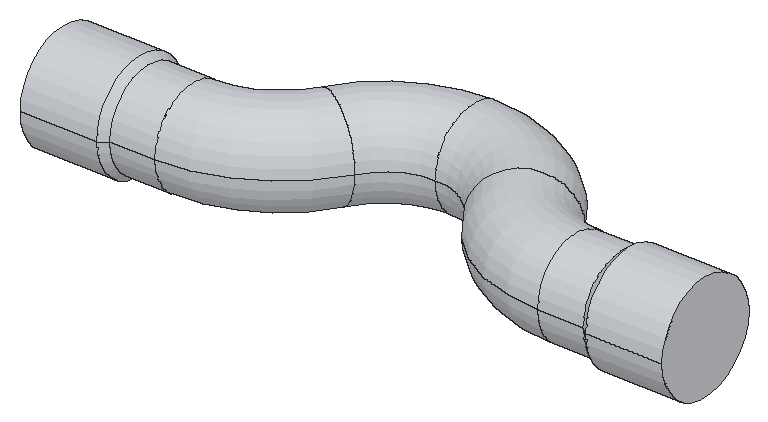
Revit family "Transposição de dobra - PVC - CW", category Conexões de tubo, Revit 2019
Family settings
  Cota do conector redondo = Usar raio
  Tipo de parte = União
  Com base no plano de trabalho = Não
  Sempre na vertical = Sim
  Corte com vazios quando carregada = Não
  Compartilhado = Não
Parameters (values of type "Padrão")
  Type Comments = ""
  Tamanho da marca de revisão [instance] = Diâmetro externo da conexão * 0.4  # 10.00 mm
  Raio externo do soquete [instance] = Diâmetro externo do soquete / 2  # 14.10 mm
  Profundidade do soquete 2 [instance] = size_lookup(Nome da tabela de pesquisa, "SDpt2", 0.0739 * Diâmetro nominal + 0.10 mm, Diâmetro nominal)  # 2.00 mm
  Profundidade do soquete 1 [instance] = size_lookup(Nome da tabela de pesquisa, "SDpt1", 0.9037 * Diâmetro nominal - 1.50 mm, Diâmetro nominal)  # 22.00 mm
  Diâmetro externo do soquete [instance] = size_lookup(Nome da tabela de pesquisa, "SOD", 0.9766 * Diâmetro nominal + 3.90 mm, Diâmetro nominal)  # 28.20 mm
  Raio 2 [instance] = size_lookup(Nome da tabela de pesquisa, "Rad2", Diâmetro nominal + 5.00 mm, Diâmetro nominal)  # 30.00 mm
  Raio 1 [instance] = size_lookup(Nome da tabela de pesquisa, "Rad1", 0.9509 * Diâmetro nominal + 5.20 mm, Diâmetro nominal)  # 28.95 mm
  Model = ""
  Manufacturer = ""
  Loss Method = (empty or 0)
  Nome da tabela de pesquisa = "BR_Bend Transposition - PVC - CW"
  Comprimento 2 [instance] = Centro para o soquete - Profundidade do soquete 1 - 2 * Comprimento 1  # 11.857 mm
  Comprimento 1 [instance] = Raio 1 * sin(60.00°)  # 25.071 mm
  Raio externo da conexão [instance] = Diâmetro externo da conexão / 2  # 12.50 mm
  Diâmetro externo da conexão [instance] = Diâmetro nominal  # 25.00 mm
  Description = ""
  Centro para o soquete [instance] = size_lookup(Nome da tabela de pesquisa, "CtS", 3.1172 * Diâmetro nominal + 5.80 mm, Diâmetro nominal)  # 84.00 mm
  Diâmetro nominal [instance] = Raio nominal * 2  # 25.00 mm
  Raio nominal [instance] = 12.50 mm
Reference planes
  plane 1 "Centro (Frente/Trás)": y = 0
  plane 2: z = 0
  plane 3 "Centro (Esquerda/Direita)": x = 0
  plane 4: x = -25.071
  plane 5: x = 25.071
  plane 6: x = -50.143
  plane 7: x = 50.143
  plane 8: x = -84
  plane 9: x = 84
  plane 10: x = -62
  plane 11: x = 62
  plane 12: x = -64
  plane 13: x = 64
  plane 14: y = 28.95
  plane 15: y = 10
  plane 16: y = -10
Forms (mm)
  Sweep 1, solid, detail levels fine
    path origin (0, 0, 0) x (1, 0, 0) y (0, 1, 0)
      loop
        line (-84, 0) -> (-64, 0)
    profile origin (-74, 0, 0) x (0, 1, 0) y (0, 0, 1)
      loop
        circle (0, 0) r 14.1
  Sweep 2, solid, detail levels fine
    path origin (0, 0, 0) x (1, 0, 0) y (0, 1, 0)
      loop
        line (64, 0) -> (84, 0)
    profile origin (74, 0, 0) x (0, 1, 0) y (0, 0, 1)
      loop
        circle (0, 0) r 14.1
  SweptBlend 3, solid, detail levels fine
    path origin (0, 0, 0) x (1, 0, 0) y (0, 1, 0)
      loop
        line (-64, 0) -> (-62, 0)
    profile origin (-64, 0, 0) x (0, 1, 0) y (0, 0, 1)
      loop
        circle (0, 0) r 14.1
    end profile origin (-62, 0, 0) x (0, 1, 0) y (0, 0, 1)
      loop
        circle (0, 0) r 12.5
  SweptBlend 4, solid, detail levels fine
    path origin (0, 0, 0) x (1, 0, 0) y (0, 1, 0)
      loop
        line (62, 0) -> (64, 0)
    profile origin (62, 0, 0) x (0, 1, 0) y (0, 0, 1)
      loop
        circle (0, 0) r 12.5
    end profile origin (64, 0, 0) x (0, 1, 0) y (0, 0, 1)
      loop
        circle (0, 0) r 14.1
  Sweep 5, solid, detail levels fine
    path origin (0, 0, 0) x (1, 0, 0) y (0, 1, 0)
      loop
        line (-62, 0) -> (-50.143, 0)
        arc (-50.143, 0) -> (-35.668, 3.879) -> (-25.071, 14.475) r 28.95
        arc (-25.071, 14.475) -> (-14.475, 25.071) -> (0, 28.95) r 28.95
        arc (0, 28.95) -> (14.475, 25.071) -> (25.071, 14.475) r 28.95
        arc (25.071, 14.475) -> (35.668, 3.879) -> (50.143, 0) r 28.95
        line (50.143, 0) -> (62, 0)
    profile origin (-56.071, 0, 0) x (0, 1, 0) y (0, 0, 1)
      loop
        circle (0, 0) r 12.5
Cuts and joins
  joined: Sweep 1, Sweep 2, SweptBlend 3, SweptBlend 4, Sweep 5
Lines and regions (mm)
  model lines, detail levels coarse+medium
    curve 1: line (-84, -10, 0) -> (-84, 10, 0)
    curve 2: line (-84, 0, 0) -> (-50.143, 0, 0)
    curve 3: line (84, 10, 0) -> (84, -10, 0)
    curve 4: line (84, 0, 0) -> (50.143, 0, 0)
    curve 5: arc (-50.143, 0, 0) -> (-35.668, 3.879, 0) -> (-25.071, 14.475, 0) r 28.95
    curve 6: arc (-25.071, 14.475, 0) -> (-14.475, 25.071, 0) -> (0, 28.95, 0) r 28.95
    curve 7: arc (0, 28.95, 0) -> (14.475, 25.071, 0) -> (25.071, 14.475, 0) r 28.95
    curve 8: arc (25.071, 14.475, 0) -> (35.668, 3.879, 0) -> (50.143, 0, 0) r 28.95
Dimensions and locks
  "Comprimento 1": plane 4 to plane 3 "Centro (Esquerda/Direita)"
  "Comprimento 1": plane 3 "Centro (Esquerda/Direita)" to plane 5
  "Comprimento 1": plane 6 to plane 4
  "Comprimento 1": plane 5 to plane 7
  "Centro para o soquete": plane 8 to plane 3 "Centro (Esquerda/Direita)"
  "Centro para o soquete": plane 3 "Centro (Esquerda/Direita)" to plane 9
  equal spacing: plane 8, plane 3 "Centro (Esquerda/Direita)", plane 9
  "Profundidade do soquete 1": plane 8 to plane 10
  "Profundidade do soquete 1": plane 11 to plane 9
  "Profundidade do soquete 2": plane 12 to plane 10
  "Profundidade do soquete 2": plane 11 to plane 13
  "Raio 1": plane 1 "Centro (Frente/Trás)" to plane 14
  "Tamanho da marca de revisão": plane 1 "Centro (Frente/Trás)" to plane 15
  "Tamanho da marca de revisão": plane 16 to plane 1 "Centro (Frente/Trás)"
  "Raio externo do soquete": radius of Sweep 1 sketch curve
  "Raio externo do soquete": radius of Sweep 2 sketch curve
  "Raio externo do soquete": radius of SweptBlend 3 sketch curve
  "Raio externo da conexão": radius of SweptBlend 3 sketch curve
  "Raio externo da conexão": radius of SweptBlend 4 sketch curve
  "Raio externo do soquete": radius of SweptBlend 4 sketch curve
  "Raio externo da conexão": radius of Sweep 5 sketch curve
  aligned and locked: plane 2 to level
  aligned and locked: plane 8 to Sweep 1 sketch curve
  aligned and locked: plane 12 to Sweep 1 sketch curve
  aligned and locked: plane 1 "Centro (Frente/Trás)" to Sweep 1 sketch curve  (x2)
  aligned and locked: plane 9 to Sweep 2 sketch curve
  aligned and locked: plane 13 to Sweep 2 sketch curve
  aligned and locked: plane 1 "Centro (Frente/Trás)" to Sweep 2 sketch curve  (x2)
  aligned and locked: plane 12 to SweptBlend 3 sketch curve
  aligned and locked: plane 10 to SweptBlend 3 sketch curve
  aligned and locked: plane 1 "Centro (Frente/Trás)" to SweptBlend 3 sketch curve  (x3)
  aligned and locked: plane 2 to SweptBlend 3 sketch curve  (x2)
  aligned and locked: plane 2 to Sweep 1 sketch curve
  aligned and locked: plane 2 to Sweep 2 sketch curve
  aligned and locked: plane 11 to SweptBlend 4 sketch curve
  aligned and locked: plane 13 to SweptBlend 4 sketch curve
  aligned and locked: plane 1 "Centro (Frente/Trás)" to SweptBlend 4 sketch curve  (x3)
  aligned and locked: plane 2 to SweptBlend 4 sketch curve  (x2)
  aligned and locked: plane 10 to Sweep 5 sketch curve
  aligned and locked: plane 6 to Sweep 5 sketch curve
  aligned and locked: plane 1 "Centro (Frente/Trás)" to Sweep 5 sketch curve  (x3)
  aligned and locked: plane 4 to Sweep 5 sketch curve
  aligned and locked: plane 14 to Sweep 5 sketch curve
  aligned and locked: plane 5 to Sweep 5 sketch curve
  aligned and locked: plane 7 to Sweep 5 sketch curve
  aligned and locked: plane 11 to Sweep 5 sketch curve
  aligned and locked: plane 2 to Sweep 5 sketch curve
  aligned and locked: plane 15 to curve 1
  aligned and locked: plane 16 to curve 1
  aligned and locked: plane 8 to curve 1
  aligned and locked: plane 8 to curve 2
  aligned and locked: plane 6 to curve 2
  aligned and locked: plane 1 "Centro (Frente/Trás)" to curve 2
  aligned and locked: plane 15 to curve 3
  aligned and locked: plane 16 to curve 3
  aligned and locked: curve 3 to plane 9
  aligned and locked: plane 7 to curve 4
  aligned and locked: plane 9 to curve 4
  aligned and locked: curve 4 to plane 1 "Centro (Frente/Trás)"
  aligned and locked: plane 4 to curve 5
  aligned and locked: plane 14 to curve 6
  aligned and locked: plane 5 to curve 7
Automatic sketch dimensions
  Sweep 5 sketch curve to Sweep 5 sketch curve = 0.00 mm
  Sweep 5 sketch curve to plane 4 = 0.00 mm
  Sweep 5 sketch curve to plane 5 = 0.00 mm
  curve 6 to curve 7 = 0.00 mm
  curve 6 to plane 4 = 0.00 mm
  curve 8 to plane 14 = 0.00 mm
Connectors
  piping at (-84, 0, 0), diameter 25, driven by "Raio nominal"
    settings: on Sweep 1, index 1, connector inside diameter 609.60 mm, connector length 0.00 mm, flow factor 0, pipe flow 0 GPM, pressure drop 0.00 psi, fitting loss kfactor 0, connector angle 0.00°, fixture units 0, engagement length 0.00 mm, angle of deflection 0.00°, flow configuration 0, flow direction 0, fitting loss method 0, system type 28, joint type 0, gender type 0, connector reference index 2, connector utility 0, adjustable connector no, is connector primary yes, connector description ""
  piping at (84, 0, 0), diameter 25, driven by "Raio nominal"
    settings: on Sweep 2, index 2, connector inside diameter 609.60 mm, connector length 0.00 mm, flow factor 0, pipe flow 0 GPM, pressure drop 0.00 psi, fitting loss kfactor 0, connector angle 0.00°, fixture units 0, engagement length 0.00 mm, angle of deflection 0.00°, flow configuration 0, flow direction 0, fitting loss method 0, system type 28, joint type 0, gender type 0, connector reference index 1, connector utility 0, adjustable connector no, is connector primary no, connector description ""
